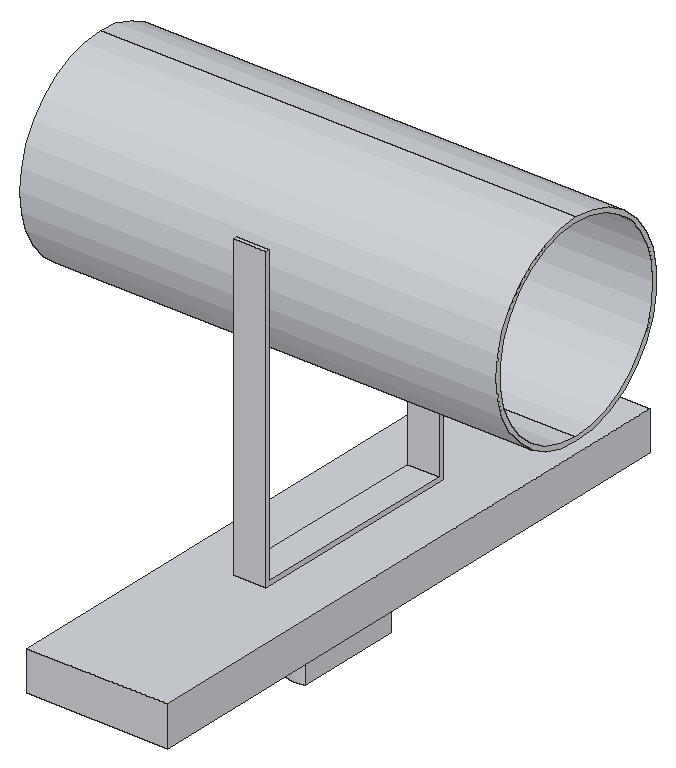
Revit family "EURS_63_LF_FB_ST321S", category Lighting Fixtures, host Face, Revit 2018
Family settings
  Host = Face
  Round Connector Dimension = Use Diameter
  Part Type = Normal
  Cut with Voids When Loaded = No
  Light Source = No
  Shared = No
  Room Calculation Point = No
Parameters (values of type "Type catalog")
  Width = 70 mm
  Voltage (V) = 230 V
  Visibility 2D symbol [instance] = no
  Visibility 2D outline round [instance] = not(Visibility 2D outline rectangle)  # no
  Visibility 2D outline rectangle [instance] = yes
  Suspension height = 100 mm
  Rotation XZ [instance] = 0.00°
  Rotation XY [instance] = 0.00°
  Product catalog - URL = "MODEL WEBPAGE"
  Order code = "ORDER CODE"
  Light source = 2 mm
  Length = 300 mm
  Last IES update = "DATE"
  Lamp type = ST321S IES Data : 1 xLED17S_827 HMB
  Height 01 = 20 mm
  Height = 100 mm
  Fixture code = "FIXTURE CODE"
  ETIM code URL = "ETIM CODE WEBPAGE"
  ETIM code = "MODEL ETIM CODE"
  Wattage Comments = ""
  URL = "http://www.lighting.philips.com/main/home"
  Type Comments = "Pendant"
  Model = "MODEL NUMBER"
  Manufacturer = "Philips"
  Light loss factor = ""
  Lamp = "LAMP NAME"
  Initial luminous flux (lm) = ""
  Init. Corr. Color Temperature (K) = ""
  EOC = "EOC CODE"
  Description = "MODEL NAME"
  Default Elevation = 0 mm
  Content version = "1.0"
  Content modified date = "DATE"
  Content creation date = "DATE"
  Content Creator = "https://www.cadac.com/bimcontent"
  Constraint XZ [instance] = if(Rotation XZ < 0.00°, 0.00°, if(Rotation XZ > 120.00°, 120.00°, Rotation XZ))  # 0.00°
  Constraint XY [instance] = if(Rotation XY < 0.00°, 0.00°, if(Rotation XY > 350.00°, 350.00°, Rotation XY))  # 0.00°
  Ceiling thickness = 12.5 mm
  BIM Library - URL = "http://www.lighting.philips.com/main/support/support/revit-library#page=1"
  Assembly Code = ""
  Armatuurcode [instance] = ""
  Apparent Load = 0 VA
  12NC = "12NC CODE"
Reference planes
  plane 1 "Center (Front/Back)": y = 0
  plane 2: z = 0
  plane 3 "Center (Left/Right)": x = 0
  plane 4 "Cadac Group AEC": y = 0
  plane 5: z = 12.5
  plane 6 "left": x = -35
  plane 7 "right": x = 35
  plane 8 "back": y = 150
  plane 9 "front": y = -150
  plane 10: z = -12.5
  plane 11: z = -12.5
  plane 12: z = 202
  plane 13: z = 100
  plane 14: z = 200
  plane 15: z = 32.5
Forms (mm)
  Sweep 1, solid
    path origin (0, 0, 0) x (1, 0, 0) y (0, 1, 0)
      loop
        line (0, 150) -> (0, -150)
    profile origin (0, 0, 0) x (1, 0, 0) y (0, 0, 1)
      loop
        line (35, 32.5) -> (-35, 32.5) -> (-35, 12.5) -> (35, 12.5) -> (35, 32.5)
Dimensions and locks
  equal spacing: plane 8 "back", plane 1 "Center (Front/Back)", plane 9 "front"
  equal spacing: plane 6 "left", plane 3 "Center (Left/Right)", plane 7 "right"
  "Width": plane 6 "left" to plane 7 "right"
  "Length": plane 9 "front" to plane 8 "back"
  "Ceiling thickness": plane 11 to host face
  "Light source": plane 14 to plane 12
  "Height": plane 13 to plane 14
  "Suspension height": host face to plane 13
  plane 5 to plane 15 = 20 mm
  "Height 01": plane 15 to plane 5
  aligned and locked: plane 2 to host face
  aligned and locked: level to host face
  aligned and locked: plane 4 "Cadac Group AEC" to plane 1 "Center (Front/Back)"
  aligned and locked: host face to plane 10
  aligned and locked: plane 3 "Center (Left/Right)" to nested 4
  aligned and locked: plane 1 "Center (Front/Back)" to nested 4
  aligned and locked: Sweep 1 sketch curve to plane 3 "Center (Left/Right)"
  aligned and locked: plane 9 "front" to Sweep 1 sketch curve
  aligned and locked: plane 8 "back" to Sweep 1 sketch curve
  aligned and locked: plane 6 "left" to Sweep 1 sketch curve
  aligned and locked: plane 7 "right" to Sweep 1 sketch curve
  aligned and locked: plane 5 to Sweep 1 sketch curve
  aligned and locked: Sweep 1 sketch curve to plane 15
  aligned and locked: plane 3 "Center (Left/Right)" to nested 8
  aligned and locked: plane 1 "Center (Front/Back)" to nested 8
Automatic sketch dimensions
  host sketch curve to host sketch curve = 700 mm  (x2)
Nested families
  nested 1: "2D-PL-Rond" at (0, 0, 0), visible <- "Visibility 2D outline round", Diameters <- "Length", type "2D symbool"
    with Diameters 300 mm
  nested 2: "2D-PL-Rechthoekig" at (0, 0, 0), Width <- "Length", lengte <- "Width", visible <- "Visibility 2D outline rectangle", type "2D symbool"
    with lengte 70 mm, Width 300 mm
  nested 3: "63_PHILIPS_Template_Track mount" at (0, 0, 0), type "Type catalog"
    with Visibility 2D symbol yes, Visibility 2D outline no, Visibility 2D driver no, Armatuurcode ""
  nested 4: "combined" at (0, 0, 163), rotatie 1 <- "Constraint XY", rotatie 2 <- "Constraint XZ", type "combined"
    with rotatie 2 0.00°, rotatie 1 0.00°
  nested 5: "Generic model rotatie front" at (0, 0, 163), type "Generic model rotatie front"
    with rotatie 2 0.00°
  nested 6: "Generic model sweep" at (0, 0, 163) x (1, 0, 0) z (0, -1, 0), type "Generic model sweep"
  nested 7: "ST321S IES Data" at (118.5, 0, 163) x (0, -1, 0) z (-1, 0, 0), type <- "Lamp type", type "1 xLED17S_827 HMB"
  nested 8: "2D-PL-Rond + symbool + peil" at (0, 0, 0), Rotation XY <- "Constraint XY", type "2D symbool"
    with radius 50 mm, Rotation XY 0.00°, Diameters 100 mm
  nested 9: "2D-PL-peil" at (0, 0, 0) x (-1, 0, 0) z (0, 0, 1), type "2D symbool"
Connectors
  electrical at (0, 0, 0), driven by "Apparent Load", driven by "Voltage (V)"
    settings: index 1, voltage 230 V, apparent load 0 VA, apparent load phase1 0 VA, apparent load phase2 0 VA, apparent load phase3 0 VA, power factor 1, load classification "Lighting", number of poles 1, system type 31, power factor state 1, is connector primary yes, connector utility no, sub classification motor no, connector description ""
Definition of nested family "63_PHILIPS_Template_Track mount"
  Parameters (values of type "Type catalog")
    Width = 300 mm
    Voltage (V) = 0 V
    Visibility 2D symbol [instance] = not(Visibility 2D outline)  # yes
    Visibility 2D outline [instance] = no
    Visibility 2D driver [instance] = no
    Rotation XZ = 0.00°
    Rotation XY = 0.00°
    Product catalog - URL = "WEBPAGE MODEL"
    Order code = "ORDER CODE"
    Offset = 1 mm
    Length = 300 mm
    Last IES update = "DATE"
    Height = 100 mm
    Fixture code = "FIXTURE CODE"
    ETIM code URL = "WEBPAGE ETIM CODE"
    ETIM code = "MODEL ETIM CODE"
    EOC = "EOC CODE"
    Content version = "1.0"
    Content modified date = "DATE"
    Content creation date = "DATE"
    Connetor body height = 10 mm
    Connector width = 25 mm
    Wattage Comments = ""
    URL = "http://www.lighting.philips.nl/home"
    Type Comments = "Track Mount"
    Model = "MODEL NUMBER"
    Manufacturer = "Philips"
    Light loss factor = ""
    Lamp = ""
    Initial luminous flux (lm) = ""
    Init. Corr. Color Temperature (K) = ""
    Description = "MODEL NAME"
    Default Elevation = 0 mm
    Content Creator = "https://www.cadac.com/bimcontent"
    Connector height = 25 mm
    BIM Library - URL = "http://www.lighting.philips.com/main/support/support/revit-library#page=1"
    Assembly Code = ""
    Armatuurcode [instance] = ""
    Apparent Load = 0 VA
    12NC = "12NC CODE"
  Reference planes
    plane 1 "Center (Front/Back)": y = 0
    plane 2: z = 0
    plane 3 "Center (Left/Right)": x = 0
    plane 4 "Cadac Group AEC": y = 0
    plane 5: z = 11
    plane 6: z = -24
    plane 7: z = 1
    plane 8: x = -150
    plane 9: y = -150
    plane 10: y = 150
    plane 11: x = 150
    plane 12: z = 125.635
  Forms (mm)
    Extrusion 1, solid
      sketch origin (0, 0, 0) x (1, 0, 0) y (0, 1, 0)
        loop
          line (-350, 290) -> (-350, -329.519) -> (377.065, -329.519) -> (377.065, 290) -> (-350, 290)
      from 0 to -12.5
    Extrusion 2, solid
      sketch origin (0, 0, 11) x (0, -1, 0) y (1, 0, 0)
        loop
          arc (19.5, -12.5) -> (27.5, 0) -> (19.5, 12.5) r 13.766
          line (19.5, 12.5) -> (-19.5, 12.5)
          arc (-19.5, 12.5) -> (-27.5, 0) -> (-19.5, -12.5) r 13.766
          line (-19.5, -12.5) -> (19.5, -12.5)
      from 0 to -35
    Extrusion 3, void
      sketch origin (0, 0, 1) x (0, -1, 0) y (1, 0, 0)
        loop
          line (-40, -5) -> (-40, -15) -> (40, -15) -> (40, -5) -> (-40, -5)
        loop
          line (-40, 5) -> (40, 5) -> (40, 15) -> (-40, 15) -> (-40, 5)
      from 0 to -25
  Cuts and joins
    Extrusion 3 cuts Extrusion 2
  Dimensions and locks
    "Connector height": plane 6 to plane 7
    equal spacing: plane 8, plane 3 "Center (Left/Right)", plane 11
    "Length": plane 8 to plane 11
    equal spacing: plane 9, plane 1 "Center (Front/Back)", plane 10
    "Width": plane 9 to plane 10
    "Offset": plane 2 to plane 7
    "Connetor body height": plane 7 to plane 5
    aligned and locked: plane 2 to Extrusion 1
    aligned and locked: level to Extrusion 1
    aligned and locked: plane 4 "Cadac Group AEC" to plane 1 "Center (Front/Back)"
    aligned and locked: Extrusion 2 to plane 6
    aligned and locked: Extrusion 3 to plane 6
  Automatic sketch dimensions
    Extrusion 1 sketch curve to Extrusion 1 sketch curve = 727.065 mm
    Extrusion 1 sketch curve to Extrusion 1 sketch curve = 619.519 mm
    Extrusion 2 sketch curve to plane 3 "Center (Left/Right)" = 0 mm  (x2)
    plane 1 "Center (Front/Back)" to Extrusion 2 sketch curve = 19.5 mm  (x2)
    plane 1 "Center (Front/Back)" to Extrusion 2 sketch curve = 13.734 mm
    Extrusion 2 sketch curve to plane 1 "Center (Front/Back)" = 13.734 mm
    Extrusion 2 sketch curve to Extrusion 2 sketch curve = 5.766 mm
    Extrusion 2 sketch curve to plane 3 "Center (Left/Right)" = 12.5 mm
    plane 3 "Center (Left/Right)" to Extrusion 3 sketch curve = 5 mm
    plane 1 "Center (Front/Back)" to Extrusion 3 sketch curve = 40 mm
    Extrusion 3 sketch curve to Extrusion 3 sketch curve = 0 mm  (x2)
    Extrusion 3 sketch curve to plane 1 "Center (Front/Back)" = 40 mm
    Extrusion 3 sketch curve to plane 3 "Center (Left/Right)" = 5 mm
    Extrusion 3 sketch curve to Extrusion 3 sketch curve = 10 mm  (x2)
  Nested families
    nested 1: "63_PHILIPS_bulb_e" at (0, 0, 0), front rim outside radius <- "Connector width", type "Bulb"
      with front rim outside radius 25 mm
    nested 2: "63_PHILIPS_bulb_e" at (0, 0, 0), front rim outside radius <- "Connector width", type "Bulb"
      with front rim outside radius 25 mm
    nested 3: "2D-PL-Rond" at (0, 0, 0), Diameters <- "Length", visible <- "Visibility 2D outline", type "2D symbool"
      with Diameters 300 mm
    nested 4: "2D-PL-Driver" at (0, 0, 0), visible <- "Visibility 2D driver", type "2D symbool"
  Connectors
    electrical at (0, 0, 11), driven by "Apparent Load", driven by "Voltage (V)"
      settings: on cut or joined group of Extrusion 2, Extrusion 3, index 1, voltage 0 V, apparent load 0 VA, apparent load phase1 0 VA, apparent load phase2 0 VA, apparent load phase3 0 VA, power factor 1, load classification none, number of poles 1, system type 31, power factor state 1, is connector primary yes, connector utility no, sub classification motor no, connector description ""
  Definition of nested family "63_PHILIPS_bulb_e"
    Parameters
      front rim outside radius [instance] = 25 mm
      Description = "symbol  bulb"
      Copyright © Cadac = "www.cadac.com/aec"
      Cadac content versie = "3.2"  # constant formula
      Assembly Code = ""
    Reference planes
      plane 1 "Center (Front/Back)": y = 0
      plane 2: z = 0
      plane 3 "Center (Left/Right)": x = 0
      plane 4: y = 19.5
      plane 5: y = -19.5
    Lines and regions (mm)
      symbolic lines
        curve 1: line (-12.5, -19.5, 0) -> (-12.5, 19.5, 0)
        curve 2: line (12.5, 19.5, 0) -> (12.5, -19.5, 0)
        curve 3: arc (-12.5, -19.5, 0) -> (0, -27.5, 0) -> (12.5, -19.5, 0) r 13.766
        curve 4: arc (-12.5, 19.5, 0) -> (0, 27.5, 0) -> (12.5, 19.5, 0) r 13.766
    Dimensions and locks
      equal spacing: curve 1, plane 3 "Center (Left/Right)", curve 2
      "front rim outside radius": curve 1 to curve 2
      equal spacing: plane 5, plane 1 "Center (Front/Back)", plane 4
    Automatic sketch dimensions
      curve 4 to plane 3 "Center (Left/Right)" = 0 mm
      curve 3 to plane 3 "Center (Left/Right)" = 0 mm
      curve 1 to plane 5 = 0 mm
      plane 4 to curve 1 = 0 mm
      plane 5 to curve 3 = 5.766 mm
      plane 4 to curve 4 = 5.766 mm
  Definition of nested family "2D-PL-Rond"
    Parameters (values of type "2D symbool")
      Diameters [instance] = 250 mm
      Description = "Armatuur symbool"
      Copyright © Cadac = "www.cadac.com/aec"
      Cadac content versie = ""
      Assembly Code = ""
    Reference planes
      plane 1 "Center (Front/Back)": y = 0
      plane 2: z = 0
      plane 3 "Center (Left/Right)": x = 0
    Lines and regions (mm)
      symbolic lines
        curve 1: circle (0, 0, 0) r 125 normal (0, 0, 1)
    Dimensions and locks
      "Diameters": diameter of curve 1
    Automatic sketch dimensions
      plane 1 "Center (Front/Back)" to curve 1 = 0 mm
      curve 1 to plane 3 "Center (Left/Right)" = 0 mm
  Definition of nested family "2D-PL-Driver"
    Parameters (values of type "2D symbool")
      Description = "Armatuur symbool"
      Copyright © Cadac = "www.cadac.com/aec"
      Cadac content versie = ""
      Assembly Code = ""
    Reference planes
      plane 1 "Center (Front/Back)": y = 0
      plane 2: z = 0
      plane 3 "Center (Left/Right)": x = 0
    Lines and regions (mm)
      model lines
        curve 1: line (-12.5, -19.5, 0) -> (-12.5, 19.5, 0)
        curve 2: line (12.5, 19.5, 0) -> (12.5, -19.5, 0)
        curve 3: arc (-12.5, 19.5, 0) -> (0, 27.5, 0) -> (12.5, 19.5, 0) r 13.766
        curve 4: arc (-12.5, -19.5, 0) -> (0, -27.5, 0) -> (12.5, -19.5, 0) r 13.766
Definition of nested family "combined"
  Parameters (values of type "combined")
    rotatie 2 [instance] = 0.00°
    rotatie 1 [instance] = 0.00°
  Reference planes
    plane 1 "Center (Front/Back)": y = 0
    plane 2: z = 0
    plane 3 "Center (Left/Right)": x = 0
  Lines and regions (mm)
    reference lines
      curve 1: line (-1000, 0, 0) -> (1000, 0, 0)
      curve 2: line (0, 500, 0) -> (0, -500, 0)
  Dimensions and locks
    equal spacing: curve 1, plane 3 "Center (Left/Right)", curve 1
    equal spacing: curve 1, plane 1 "Center (Front/Back)", curve 1
    equal spacing: curve 1, curve 2, curve 1
    "rotatie 1": angle plane 1 "Center (Front/Back)" to curve 1
    aligned and locked: level to plane 2
    aligned and locked: curve 1 to nested 1
    aligned and locked: curve 2 to nested 1
  Automatic sketch dimensions
    curve 1 to curve 2 = 500 mm
    curve 2 to curve 1 = 500 mm
  Nested families
    nested 1: "Generic model u-profile" at (0, 0, 0) x (0, -1, 0) z (0, 0, 1), type "Generic model u-profil"
    nested 2: "Generic model rotatie front" at (0, 0, 0), rotatie 2 <- "rotatie 2", type "Generic model rotatie front"
      with rotatie 2 0.00°
    nested 3: "Generic model sweep" at (0, 0, 0) x (1, 0, 0) z (0, -1, 0), type "Generic model sweep"
  Definition of nested family "Generic model u-profile"
    Parameters (values of type "Generic model u-profil")
      Default Elevation = 1219.2 mm
    Reference planes
      plane 1 "Center (Front/Back)": y = 0
      plane 2: z = 0
      plane 3 "Center (Left/Right)": x = 0
      plane 4: z = 20
      plane 5: z = -130
      plane 6: x = 55
      plane 7: x = -55
    Forms (mm)
      Sweep 1, solid
        path origin (0, 0, 0) x (1, 0, 0) y (0, 0, 1)
          loop
            line (-55, 20) -> (-55, -130) -> (55, -130) -> (55, 20)
        profile origin (-55, 0, -55) x (0, -1, 0) y (1, 0, 0)
          loop
            line (-7.979, 0) -> (7.979, 0) -> (7.979, 2) -> (-7.979, 2) -> (-7.979, 0)
    Dimensions and locks
      Sweep 1 sketch curve to profile plane to Sweep 1 sketch curve = 7.979 mm, 7.979 mm
      plane 4 to plane 2 = 20 mm
      plane 2 to plane 5 = 130 mm
      equal spacing: plane 6, plane 3 "Center (Left/Right)", plane 7
      plane 6 to plane 3 "Center (Left/Right)" = 55 mm
      plane 2 to Sweep 1 = 130 mm
      aligned and locked: level to plane 2
      aligned and locked: Sweep 1 sketch curve to plane 5
      aligned and locked: plane 4 to Sweep 1 sketch curve  (x2)
      aligned and locked: Sweep 1 sketch curve to plane 7
      aligned and locked: plane 6 to Sweep 1 sketch curve
  Definition of nested family "Generic model sweep"
    Parameters (values of type "Generic model sweep")
      Default Elevation = 1219.2 mm
    Reference planes
      plane 1 "Center (Front/Back)": y = 0
      plane 2: z = 0
      plane 3 "Center (Left/Right)": x = 0
    Forms (mm)
      Sweep 1, solid
        path origin (0, 0, 0) x (1, 0, 0) y (0, 1, 0)
          loop
            line (-118.5, 0) -> (118.5, 0)
        profile "Profiel 1 : Profiel 1" origin (0, 0, 0) x (0, 1, 0) y (0, 0, 1)
          loop
            circle (0, 0) r 48
          loop
            circle (0, 0) r 50
    Dimensions and locks
      Sweep 1 sketch curve to Sweep 1 sketch curve = 237 mm
      equal spacing: Sweep 1 sketch curve, plane 3 "Center (Left/Right)", Sweep 1 sketch curve
      aligned and locked: level to plane 2
Definition of nested family "Generic model sweep"
  Parameters (values of type "Generic model sweep")
    Default Elevation = 1219.2 mm
  Reference planes
    plane 1 "Center (Front/Back)": y = 0
    plane 2: z = 0
    plane 3 "Center (Left/Right)": x = 0
  Forms (mm)
    Sweep 1, solid
      path origin (0, 0, 0) x (1, 0, 0) y (0, 1, 0)
        loop
          line (-118.5, 0) -> (118.5, 0)
      profile "Profiel 1 : Profiel 1" origin (0, 0, 0) x (0, 1, 0) y (0, 0, 1)
        loop
          circle (0, 0) r 48
        loop
          circle (0, 0) r 50
  Dimensions and locks
    Sweep 1 sketch curve to Sweep 1 sketch curve = 237 mm
    equal spacing: Sweep 1 sketch curve, plane 3 "Center (Left/Right)", Sweep 1 sketch curve
    aligned and locked: level to plane 2
Definition of nested family "2D-PL-Rond"
  Parameters (values of type "2D symbool")
    Diameters [instance] = 250 mm
    Description = "Armatuur symbool"
    Copyright © Cadac = "www.cadac.com/aec"
    Cadac content versie = ""
    Assembly Code = ""
  Reference planes
    plane 1 "Center (Front/Back)": y = 0
    plane 2: z = 0
    plane 3 "Center (Left/Right)": x = 0
  Lines and regions (mm)
    symbolic lines
      curve 1: circle (0, 0, 0) r 125 normal (0, 0, 1)
  Dimensions and locks
    "Diameters": diameter of curve 1
  Automatic sketch dimensions
    plane 1 "Center (Front/Back)" to curve 1 = 0 mm
    curve 1 to plane 3 "Center (Left/Right)" = 0 mm
Definition of nested family "2D-PL-Rechthoekig"
  Parameters (values of type "2D symbool")
    lengte [instance] = 1200 mm
    Width [instance] = 100 mm
    Type Comments = "GEEN CALCULATIEOBJECT"
    Manufacturer = ""
    Description = "Armatuur 2D symbool"
    Copyright © Cadac = "www.cadac.com/aec"
    Cadac content versie = ""
    Assembly Code = ""
  Reference planes
    plane 1 "Center (Front/Back)": y = 0
    plane 2: z = 0
    plane 3 "Center (Left/Right)": x = 0
    plane 4: y = 150
    plane 5: y = -150
    plane 6: y = 176.777
    plane 7: x = -176.777
    plane 8: x = 176.777
    plane 9: y = -176.777
    plane 10 "Cadac Group AEC": y = 0
    plane 11: y = 400
    plane 12: y = -191.421
    plane 13: y = -206.066
    plane 14: y = -220.711
    plane 15: y = -235.355
  Lines and regions (mm)
    symbolic lines
      curve 1: line (600, 50, 0) -> (600, -50, 0)
      curve 2: line (-600, 50, 0) -> (-600, -50, 0)
      curve 3: line (-600, 50, 0) -> (600, 50, 0)
      curve 4: line (-600, -50, 0) -> (600, -50, 0)
  Dimensions and locks
    equal spacing: curve 2, plane 3 "Center (Left/Right)", curve 1
    "lengte": curve 2 to curve 1
    equal spacing: plane 5, plane 1 "Center (Front/Back)", plane 4
    locked: plane 4 to plane 5 at 300
    equal spacing: curve 4, plane 1 "Center (Front/Back)", curve 3
    "Width": curve 4 to curve 3
    locked: plane 7 to plane 8 at 353.553
    locked: plane 6 to plane 9 at 353.553
    equal spacing: plane 7, plane 3 "Center (Left/Right)", plane 8
    equal spacing: plane 6, plane 1 "Center (Front/Back)", plane 9
    locked: plane 1 "Center (Front/Back)" to plane 11 at 400
    equal spacing: plane 9, plane 12, plane 13, plane 14, plane 15
    locked: plane 9 to plane 15 at 58.579
    aligned and locked: plane 10 "Cadac Group AEC" to plane 1 "Center (Front/Back)"
Definition of nested family "Generic model rotatie front"
  Parameters (values of type "Generic model rotatie front")
    rotatie 2 [instance] = 45.00°
    Default Elevation = 1219.2 mm
  Reference planes
    plane 1 "Center (Front/Back)": y = 0
    plane 2: z = 0
    plane 3 "Center (Left/Right)": x = 0
  Lines and regions (mm)
    reference lines
      curve 1: line (-707.107, 0, -707.107) -> (707.107, 0, 707.107)
      curve 2: line (-353.553, 0, 353.553) -> (353.553, 0, -353.553)
  Dimensions and locks
    equal spacing: curve 1, plane 3 "Center (Left/Right)", curve 1
    equal spacing: curve 1, plane 2, curve 1
    equal spacing: curve 2, plane 3 "Center (Left/Right)", curve 2
    equal spacing: curve 2, plane 2, curve 2
    "rotatie 2": angle plane 2 to curve 1
    "rotatie 2": angle plane 3 "Center (Left/Right)" to curve 2
    aligned and locked: level to plane 2
  Nested families
    nested 1: "Generic model sweep" at (0, 0, 0) x (0.7071, 0, 0.7071) z (0, -1, 0), type "Generic model sweep"
  Definition of nested family "Generic model sweep"
    Parameters (values of type "Generic model sweep")
      Default Elevation = 1219.2 mm
    Reference planes
      plane 1 "Center (Front/Back)": y = 0
      plane 2: z = 0
      plane 3 "Center (Left/Right)": x = 0
    Forms (mm)
      Sweep 1, solid
        path origin (0, 0, 0) x (1, 0, 0) y (0, 1, 0)
          loop
            line (-118.5, 0) -> (118.5, 0)
        profile "Profiel 1 : Profiel 1" origin (0, 0, 0) x (0, 1, 0) y (0, 0, 1)
          loop
            circle (0, 0) r 48
          loop
            circle (0, 0) r 50
    Dimensions and locks
      Sweep 1 sketch curve to Sweep 1 sketch curve = 237 mm
      equal spacing: Sweep 1 sketch curve, plane 3 "Center (Left/Right)", Sweep 1 sketch curve
      aligned and locked: level to plane 2
Definition of nested family "ST321S IES Data"
  Parameters (values of type "1 xLED49S_840 OVL-V")
    Wattage = 39 W
    built-in parameter 1150110 = 1 (stored number, unit not read)
    built-in parameter 1114217 = 1 (stored number, unit not read)
    Tilt Angle = 90.00°
    built-in parameter 1150109 = 1 (stored number, unit not read)
    built-in parameter 1150134 = 12
    built-in parameter 1150113 = 1 (stored number, unit not read)
    Photometric Web File = "ST321S 1 xLED49S_840 OVL-V.ies"
    Model = "ST321S"
    Manufacturer = "Philips"
    built-in parameter 1150105 = 358.1 (stored number, unit not read)
    Lumens = 4500 lm
    built-in parameter 1150115 = 1 (stored number, unit not read)
    built-in parameter 1150137 = (empty or 0)
    built-in parameter 1150139 = (empty or 0)
    built-in parameter 1150112 = 1 (stored number, unit not read)
    built-in parameter 1150114 = 1 (stored number, unit not read)
    Lamp = "LED49S/840/-"
    built-in parameter 1150132 = (empty or 0)
    built-in parameter 1150102 = (empty or 0)
    built-in parameter 1150107 = 4000 (stored number, unit not read)
    built-in parameter 1150138 = (empty or 0)
    built-in parameter 1150106 = 3.581 (stored number, unit not read)
    Emit from Circle Diameter = 67 mm
    Emit Shape Visible in Rendering = yes
    built-in parameter 1150104 = 10.72 (stored number, unit not read)
    Dimming Lamp Color Temperature Shift = (empty or 0)
    Description = ""
    Default Elevation = 0 mm
    Content Creator = "https://www.cadac.com/bimcontent"
    Color Filter = 16777215
    built-in parameter 1114218 = 1 (stored number, unit not read)
    built-in parameter 1150133 = 10 (stored number, unit not read)
    Apparent Load = 39 VA
  Types (216, lengths in mm): name | Wattage | built-in parameter 1150134 | Photometric Web File | built-in parameter 1150105 | Lumens | Lamp | built-in parameter 1150107 | built-in parameter 1150106 | built-in parameter 1150104 | Apparent Load
    1 xLED49S_840 OVL-V | 39 W | 12 | "ST321S 1 xLED49S_840 OVL-V.ies" | 358.1 (stored number, unit not read) | 4500 lm | "LED49S/840/-" | 4000 (stored number, unit not read) | 3.581 (stored number, unit not read) | 10.72 (stored number, unit not read) | 39 VA
    1 xLED49S_840 OVL-H | 39 W | 12 | "ST321S 1 xLED49S_840 OVL-H.ies" | 358.1 (stored number, unit not read) | 4500 lm | "LED49S/840/-" | 4000 (stored number, unit not read) | 3.581 (stored number, unit not read) | 10.72 (stored number, unit not read) | 39 VA
    1 xLED49S_840 MB | 39 W | 12 | "ST321S 1 xLED49S_840 MB.ies" | 389.93 (stored number, unit not read) | 4900 lm | "LED49S/840/-" | 4000 (stored number, unit not read) | 3.8993 (stored number, unit not read) | 11.672 (stored number, unit not read) | 39 VA
    1 xLED49S_840 HWB | 39 W | 12 | "ST321S 1 xLED49S_840 HWB.ies" | 397.89 (stored number, unit not read) | 5000 lm | "LED49S/840/-" | 4000 (stored number, unit not read) | 3.9789 (stored number, unit not read) | 11.911 (stored number, unit not read) | 39 VA
    1 xLED49S_840 HVWB | 39 W | 12 | "ST321S 1 xLED49S_840 HVWB.ies" | 397.89 (stored number, unit not read) | 5000 lm | "LED49S/840/-" | 4000 (stored number, unit not read) | 3.9789 (stored number, unit not read) | 11.911 (stored number, unit not read) | 39 VA
    1 xLED49S_840 HOVL-V | 39 W | 12 | "ST321S 1 xLED49S_840 HOVL-V.ies" | 374.01 (stored number, unit not read) | 4700 lm | "LED49S/840/-" | 4000 (stored number, unit not read) | 3.7401 (stored number, unit not read) | 11.196 (stored number, unit not read) | 39 VA
    1 xLED49S_840 HOVL-H | 39 W | 12 | "ST321S 1 xLED49S_840 HOVL-H.ies" | 374.01 (stored number, unit not read) | 4700 lm | "LED49S/840/-" | 4000 (stored number, unit not read) | 3.7401 (stored number, unit not read) | 11.196 (stored number, unit not read) | 39 VA
    1 xLED49S_840 HMB | 39 W | 12 | "ST321S 1 xLED49S_840 HMB.ies" | 397.89 (stored number, unit not read) | 5000 lm | "LED49S/840/-" | 4000 (stored number, unit not read) | 3.9789 (stored number, unit not read) | 11.911 (stored number, unit not read) | 39 VA
    1 xLED49S_830 OVL-V | 39 W | (empty or 0) | "ST321S 1 xLED49S_830 OVL-V.ies" | 342.18 (stored number, unit not read) | 4300 lm | "LED49S/830/-" | 3000 (stored number, unit not read) | 3.4218 (stored number, unit not read) | 10.243 (stored number, unit not read) | 39 VA
    1 xLED49S_830 OVL-H | 39 W | (empty or 0) | "ST321S 1 xLED49S_830 OVL-H.ies" | 342.18 (stored number, unit not read) | 4300 lm | "LED49S/830/-" | 3000 (stored number, unit not read) | 3.4218 (stored number, unit not read) | 10.243 (stored number, unit not read) | 39 VA
    1 xLED49S_830 MB | 39 W | (empty or 0) | "ST321S 1 xLED49S_830 MB.ies" | 366.06 (stored number, unit not read) | 4600 lm | "LED49S/830/-" | 3000 (stored number, unit not read) | 3.6606 (stored number, unit not read) | 10.958 (stored number, unit not read) | 39 VA
    1 xLED49S_830 HWB | 39 W | (empty or 0) | "ST321S 1 xLED49S_830 HWB.ies" | 381.97 (stored number, unit not read) | 4800 lm | "LED49S/830/-" | 3000 (stored number, unit not read) | 3.8197 (stored number, unit not read) | 11.434 (stored number, unit not read) | 39 VA
    1 xLED49S_830 HVWB | 39 W | (empty or 0) | "ST321S 1 xLED49S_830 HVWB.ies" | 381.97 (stored number, unit not read) | 4800 lm | "LED49S/830/-" | 3000 (stored number, unit not read) | 3.8197 (stored number, unit not read) | 11.434 (stored number, unit not read) | 39 VA
    1 xLED49S_830 HOVL-V | 39 W | (empty or 0) | "ST321S 1 xLED49S_830 HOVL-V.ies" | 350.14 (stored number, unit not read) | 4400 lm | "LED49S/830/-" | 3000 (stored number, unit not read) | 3.5014 (stored number, unit not read) | 10.481 (stored number, unit not read) | 39 VA
    1 xLED49S_830 HOVL-H | 39 W | (empty or 0) | "ST321S 1 xLED49S_830 HOVL-H.ies" | 350.14 (stored number, unit not read) | 4400 lm | "LED49S/830/-" | 3000 (stored number, unit not read) | 3.5014 (stored number, unit not read) | 10.481 (stored number, unit not read) | 39 VA
    1 xLED49S_830 HMB | 39 W | (empty or 0) | "ST321S 1 xLED49S_830 HMB.ies" | 381.97 (stored number, unit not read) | 4800 lm | "LED49S/830/-" | 3000 (stored number, unit not read) | 3.8197 (stored number, unit not read) | 11.434 (stored number, unit not read) | 39 VA
    1 xLED49S_827 OVL-V | 38.5 W | (empty or 0) | "ST321S 1 xLED49S_827 OVL-V.ies" | 326.27 (stored number, unit not read) | 4100 lm | "LED49S/827/-" | 2700 (stored number, unit not read) | 3.2627 (stored number, unit not read) | 9.8936 (stored number, unit not read) | 38.5 VA
    1 xLED49S_827 OVL-H | 38.5 W | (empty or 0) | "ST321S 1 xLED49S_827 OVL-H.ies" | 326.27 (stored number, unit not read) | 4100 lm | "LED49S/827/-" | 2700 (stored number, unit not read) | 3.2627 (stored number, unit not read) | 9.8936 (stored number, unit not read) | 38.5 VA
    1 xLED49S_827 MB | 38.5 W | (empty or 0) | "ST321S 1 xLED49S_827 MB.ies" | 350.14 (stored number, unit not read) | 4400 lm | "LED49S/827/-" | 2700 (stored number, unit not read) | 3.5014 (stored number, unit not read) | 10.617 (stored number, unit not read) | 38.5 VA
    1 xLED49S_827 HWB | 38.5 W | (empty or 0) | "ST321S 1 xLED49S_827 HWB.ies" | 366.06 (stored number, unit not read) | 4600 lm | "LED49S/827/-" | 2700 (stored number, unit not read) | 3.6606 (stored number, unit not read) | 11.1 (stored number, unit not read) | 38.5 VA
    1 xLED49S_827 HVWB | 38.5 W | (empty or 0) | "ST321S 1 xLED49S_827 HVWB.ies" | 366.06 (stored number, unit not read) | 4600 lm | "LED49S/827/-" | 2700 (stored number, unit not read) | 3.6606 (stored number, unit not read) | 11.1 (stored number, unit not read) | 38.5 VA
    1 xLED49S_827 HOVL-V | 38.5 W | (empty or 0) | "ST321S 1 xLED49S_827 HOVL-V.ies" | 334.23 (stored number, unit not read) | 4200 lm | "LED49S/827/-" | 2700 (stored number, unit not read) | 3.3423 (stored number, unit not read) | 10.135 (stored number, unit not read) | 38.5 VA
    1 xLED49S_827 HOVL-H | 38.5 W | (empty or 0) | "ST321S 1 xLED49S_827 HOVL-H.ies" | 334.23 (stored number, unit not read) | 4200 lm | "LED49S/827/-" | 2700 (stored number, unit not read) | 3.3423 (stored number, unit not read) | 10.135 (stored number, unit not read) | 38.5 VA
    1 xLED49S_827 HMB | 38.5 W | (empty or 0) | "ST321S 1 xLED49S_827 HMB.ies" | 366.06 (stored number, unit not read) | 4600 lm | "LED49S/827/-" | 2700 (stored number, unit not read) | 3.6606 (stored number, unit not read) | 11.1 (stored number, unit not read) | 38.5 VA
    1 xLED39S_PW930 VWB | 35 W | (empty or 0) | "ST321S 1 xLED39S_PW930 VWB.ies" | 310.35 (stored number, unit not read) | 3900 lm | "LED39S/PW930/-" | 3000 (stored number, unit not read) | 3.1035 (stored number, unit not read) | 10.352 (stored number, unit not read) | 35 VA
    1 xLED39S_PW930 OVL-V | 35 W | (empty or 0) | "ST321S 1 xLED39S_PW930 OVL-V.ies" | 294.44 (stored number, unit not read) | 3700 lm | "LED39S/PW930/-" | 3000 (stored number, unit not read) | 2.9444 (stored number, unit not read) | 9.8212 (stored number, unit not read) | 35 VA
    1 xLED39S_PW930 OVL-H | 35 W | (empty or 0) | "ST321S 1 xLED39S_PW930 OVL-H.ies" | 294.44 (stored number, unit not read) | 3700 lm | "LED39S/PW930/-" | 3000 (stored number, unit not read) | 2.9444 (stored number, unit not read) | 9.8212 (stored number, unit not read) | 35 VA
    1 xLED39S_PW930 HWB | 32.5 W | (empty or 0) | "ST321S 1 xLED39S_PW930 HWB.ies" | 318.31 (stored number, unit not read) | 4000 lm | "LED39S/PW930/-" | 3000 (stored number, unit not read) | 3.1831 (stored number, unit not read) | 11.434 (stored number, unit not read) | 32.5 VA
    1 xLED39S_PW930 HVWB | 32.5 W | (empty or 0) | "ST321S 1 xLED39S_PW930 HVWB.ies" | 318.31 (stored number, unit not read) | 4000 lm | "LED39S/PW930/-" | 3000 (stored number, unit not read) | 3.1831 (stored number, unit not read) | 11.434 (stored number, unit not read) | 32.5 VA
    1 xLED39S_PW930 HOVL-V | 35 W | (empty or 0) | "ST321S 1 xLED39S_PW930 HOVL-V.ies" | 294.44 (stored number, unit not read) | 3700 lm | "LED39S/PW930/-" | 3000 (stored number, unit not read) | 2.9444 (stored number, unit not read) | 9.8212 (stored number, unit not read) | 35 VA
    1 xLED39S_PW930 HOVL-H | 35 W | (empty or 0) | "ST321S 1 xLED39S_PW930 HOVL-H.ies" | 294.44 (stored number, unit not read) | 3700 lm | "LED39S/PW930/-" | 3000 (stored number, unit not read) | 2.9444 (stored number, unit not read) | 9.8212 (stored number, unit not read) | 35 VA
    1 xLED39S_PW930 HMB | 32.5 W | (empty or 0) | "ST321S 1 xLED39S_PW930 HMB.ies" | 318.31 (stored number, unit not read) | 4000 lm | "LED39S/PW930/-" | 3000 (stored number, unit not read) | 3.1831 (stored number, unit not read) | 11.434 (stored number, unit not read) | 32.5 VA
    1 xLED39S_PC930 OVL-V | 34.5 W | (empty or 0) | "ST321S 1 xLED39S_PC930 OVL-V.ies" | 270.56 (stored number, unit not read) | 3400 lm | "LED39S/PC930/-" | 3000 (stored number, unit not read) | 2.7056 (stored number, unit not read) | 9.1557 (stored number, unit not read) | 34.5 VA
    1 xLED39S_PC930 OVL-H | 34.5 W | (empty or 0) | "ST321S 1 xLED39S_PC930 OVL-H.ies" | 270.56 (stored number, unit not read) | 3400 lm | "LED39S/PC930/-" | 3000 (stored number, unit not read) | 2.7056 (stored number, unit not read) | 9.1557 (stored number, unit not read) | 34.5 VA
    1 xLED39S_PC930 MB | 34.5 W | (empty or 0) | "ST321S 1 xLED39S_PC930 MB.ies" | 294.44 (stored number, unit not read) | 3700 lm | "LED39S/PC930/-" | 3000 (stored number, unit not read) | 2.9444 (stored number, unit not read) | 9.9635 (stored number, unit not read) | 34.5 VA
    1 xLED39S_PC930 HWB | 34.5 W | (empty or 0) | "ST321S 1 xLED39S_PC930 HWB.ies" | 302.39 (stored number, unit not read) | 3800 lm | "LED39S/PC930/-" | 3000 (stored number, unit not read) | 3.0239 (stored number, unit not read) | 10.233 (stored number, unit not read) | 34.5 VA
    1 xLED39S_PC930 HVWB | 34.5 W | (empty or 0) | "ST321S 1 xLED39S_PC930 HVWB.ies" | 302.39 (stored number, unit not read) | 3800 lm | "LED39S/PC930/-" | 3000 (stored number, unit not read) | 3.0239 (stored number, unit not read) | 10.233 (stored number, unit not read) | 34.5 VA
    1 xLED39S_PC930 HOVL-V | 34.5 W | (empty or 0) | "ST321S 1 xLED39S_PC930 HOVL-V.ies" | 278.52 (stored number, unit not read) | 3500 lm | "LED39S/PC930/-" | 3000 (stored number, unit not read) | 2.7852 (stored number, unit not read) | 9.4249 (stored number, unit not read) | 34.5 VA
    1 xLED39S_PC930 HOVL-H | 34.5 W | (empty or 0) | "ST321S 1 xLED39S_PC930 HOVL-H.ies" | 278.52 (stored number, unit not read) | 3500 lm | "LED39S/PC930/-" | 3000 (stored number, unit not read) | 2.7852 (stored number, unit not read) | 9.4249 (stored number, unit not read) | 34.5 VA
    1 xLED39S_PC930 HMB | 34.5 W | (empty or 0) | "ST321S 1 xLED39S_PC930 HMB.ies" | 302.39 (stored number, unit not read) | 3800 lm | "LED39S/PC930/-" | 3000 (stored number, unit not read) | 3.0239 (stored number, unit not read) | 10.233 (stored number, unit not read) | 34.5 VA
    1 xLED39S_FR OVL-V | 38.5 W | (empty or 0) | "ST321S 1 xLED39S_FR OVL-V.ies" | 302.39 (stored number, unit not read) | 3800 lm | "LED39S/FR/-" | 3000 (stored number, unit not read) | 3.0239 (stored number, unit not read) | 9.1697 (stored number, unit not read) | 38.5 VA
    1 xLED39S_FR OVL-H | 38.5 W | (empty or 0) | "ST321S 1 xLED39S_FR OVL-H.ies" | 302.39 (stored number, unit not read) | 3800 lm | "LED39S/FR/-" | 3000 (stored number, unit not read) | 3.0239 (stored number, unit not read) | 9.1697 (stored number, unit not read) | 38.5 VA
    1 xLED39S_FR MB | 38.5 W | (empty or 0) | "ST321S 1 xLED39S_FR MB.ies" | 326.27 (stored number, unit not read) | 4100 lm | "LED39S/FR/-" | 3000 (stored number, unit not read) | 3.2627 (stored number, unit not read) | 9.8936 (stored number, unit not read) | 38.5 VA
    1 xLED39S_FR HWB | 38.5 W | (empty or 0) | "ST321S 1 xLED39S_FR HWB.ies" | 342.18 (stored number, unit not read) | 4300 lm | "LED39S/FR/-" | 3000 (stored number, unit not read) | 3.4218 (stored number, unit not read) | 10.376 (stored number, unit not read) | 38.5 VA
    1 xLED39S_FR HVWB | 38.5 W | (empty or 0) | "ST321S 1 xLED39S_FR HVWB.ies" | 342.18 (stored number, unit not read) | 4300 lm | "LED39S/FR/-" | 3000 (stored number, unit not read) | 3.4218 (stored number, unit not read) | 10.376 (stored number, unit not read) | 38.5 VA
    1 xLED39S_FR HOVL-V | 38.5 W | (empty or 0) | "ST321S 1 xLED39S_FR HOVL-V.ies" | 310.35 (stored number, unit not read) | 3900 lm | "LED39S/FR/-" | 3000 (stored number, unit not read) | 3.1035 (stored number, unit not read) | 9.411 (stored number, unit not read) | 38.5 VA
    1 xLED39S_FR HOVL-H | 38.5 W | (empty or 0) | "ST321S 1 xLED39S_FR HOVL-H.ies" | 310.35 (stored number, unit not read) | 3900 lm | "LED39S/FR/-" | 3000 (stored number, unit not read) | 3.1035 (stored number, unit not read) | 9.411 (stored number, unit not read) | 38.5 VA
    1 xLED39S_FR HMB | 38.5 W | (empty or 0) | "ST321S 1 xLED39S_FR HMB.ies" | 342.18 (stored number, unit not read) | 4300 lm | "LED39S/FR/-" | 3000 (stored number, unit not read) | 3.4218 (stored number, unit not read) | 10.376 (stored number, unit not read) | 38.5 VA
    1 xLED39S_CH OVL-V | 30.5 W | (empty or 0) | "ST321S 1 xLED39S_CH OVL-V.ies" | 286.48 (stored number, unit not read) | 3600 lm | "LED39S/CH/-" | 3000 (stored number, unit not read) | 2.8648 (stored number, unit not read) | 10.966 (stored number, unit not read) | 30.5 VA
    1 xLED39S_CH OVL-H | 30.5 W | (empty or 0) | "ST321S 1 xLED39S_CH OVL-H.ies" | 286.48 (stored number, unit not read) | 3600 lm | "LED39S/CH/-" | 3000 (stored number, unit not read) | 2.8648 (stored number, unit not read) | 10.966 (stored number, unit not read) | 30.5 VA
    1 xLED39S_CH MB | 30.5 W | (empty or 0) | "ST321S 1 xLED39S_CH MB.ies" | 310.35 (stored number, unit not read) | 3900 lm | "LED39S/CH/-" | 3000 (stored number, unit not read) | 3.1035 (stored number, unit not read) | 11.879 (stored number, unit not read) | 30.5 VA
    1 xLED39S_CH HWB | 28.5 W | (empty or 0) | "ST321S 1 xLED39S_CH HWB.ies" | 302.39 (stored number, unit not read) | 3800 lm | "LED39S/CH/-" | 3000 (stored number, unit not read) | 3.0239 (stored number, unit not read) | 12.387 (stored number, unit not read) | 28.5 VA
    1 xLED39S_CH HVWB | 28.5 W | (empty or 0) | "ST321S 1 xLED39S_CH HVWB.ies" | 302.39 (stored number, unit not read) | 3800 lm | "LED39S/CH/-" | 3000 (stored number, unit not read) | 3.0239 (stored number, unit not read) | 12.387 (stored number, unit not read) | 28.5 VA
    1 xLED39S_CH HOVL-V | 30.5 W | (empty or 0) | "ST321S 1 xLED39S_CH HOVL-V.ies" | 286.48 (stored number, unit not read) | 3600 lm | "LED39S/CH/-" | 3000 (stored number, unit not read) | 2.8648 (stored number, unit not read) | 10.966 (stored number, unit not read) | 30.5 VA
    1 xLED39S_CH HOVL-H | 30.5 W | (empty or 0) | "ST321S 1 xLED39S_CH HOVL-H.ies" | 286.48 (stored number, unit not read) | 3600 lm | "LED39S/CH/-" | 3000 (stored number, unit not read) | 2.8648 (stored number, unit not read) | 10.966 (stored number, unit not read) | 30.5 VA
    1 xLED39S_CH HMB | 28.5 W | (empty or 0) | "ST321S 1 xLED39S_CH HMB.ies" | 302.39 (stored number, unit not read) | 3800 lm | "LED39S/CH/-" | 3000 (stored number, unit not read) | 3.0239 (stored number, unit not read) | 12.387 (stored number, unit not read) | 28.5 VA
    1 xLED39S_840 OVL-V | 28.5 W | 12 | "ST321S 1 xLED39S_840 OVL-V.ies" | 294.44 (stored number, unit not read) | 3700 lm | "LED39S/840/-" | 4000 (stored number, unit not read) | 2.9444 (stored number, unit not read) | 12.061 (stored number, unit not read) | 28.5 VA
    1 xLED39S_840 OVL-H | 28.5 W | 12 | "ST321S 1 xLED39S_840 OVL-H.ies" | 294.44 (stored number, unit not read) | 3700 lm | "LED39S/840/-" | 4000 (stored number, unit not read) | 2.9444 (stored number, unit not read) | 12.061 (stored number, unit not read) | 28.5 VA
    1 xLED39S_840 MB | 28.5 W | 12 | "ST321S 1 xLED39S_840 MB.ies" | 318.31 (stored number, unit not read) | 4000 lm | "LED39S/840/-" | 4000 (stored number, unit not read) | 3.1831 (stored number, unit not read) | 13.039 (stored number, unit not read) | 28.5 VA
    1 xLED39S_840 HWB | 28.5 W | 12 | "ST321S 1 xLED39S_840 HWB.ies" | 334.23 (stored number, unit not read) | 4200 lm | "LED39S/840/-" | 4000 (stored number, unit not read) | 3.3423 (stored number, unit not read) | 13.691 (stored number, unit not read) | 28.5 VA
    1 xLED39S_840 HVWB | 28.5 W | 12 | "ST321S 1 xLED39S_840 HVWB.ies" | 334.23 (stored number, unit not read) | 4200 lm | "LED39S/840/-" | 4000 (stored number, unit not read) | 3.3423 (stored number, unit not read) | 13.691 (stored number, unit not read) | 28.5 VA
    1 xLED39S_840 HOVL-V | 28.5 W | 12 | "ST321S 1 xLED39S_840 HOVL-V.ies" | 310.35 (stored number, unit not read) | 3900 lm | "LED39S/840/-" | 4000 (stored number, unit not read) | 3.1035 (stored number, unit not read) | 12.713 (stored number, unit not read) | 28.5 VA
    1 xLED39S_840 HOVL-H | 28.5 W | 12 | "ST321S 1 xLED39S_840 HOVL-H.ies" | 310.35 (stored number, unit not read) | 3900 lm | "LED39S/840/-" | 4000 (stored number, unit not read) | 3.1035 (stored number, unit not read) | 12.713 (stored number, unit not read) | 28.5 VA
    1 xLED39S_840 HMB | 28.5 W | 12 | "ST321S 1 xLED39S_840 HMB.ies" | 334.23 (stored number, unit not read) | 4200 lm | "LED39S/840/-" | 4000 (stored number, unit not read) | 3.3423 (stored number, unit not read) | 13.691 (stored number, unit not read) | 28.5 VA
    1 xLED39S_830 OVL-V | 30.5 W | (empty or 0) | "ST321S 1 xLED39S_830 OVL-V.ies" | 294.44 (stored number, unit not read) | 3700 lm | "LED39S/830/-" | 3000 (stored number, unit not read) | 2.9444 (stored number, unit not read) | 11.27 (stored number, unit not read) | 30.5 VA
    1 xLED39S_830 OVL-H | 30.5 W | (empty or 0) | "ST321S 1 xLED39S_830 OVL-H.ies" | 294.44 (stored number, unit not read) | 3700 lm | "LED39S/830/-" | 3000 (stored number, unit not read) | 2.9444 (stored number, unit not read) | 11.27 (stored number, unit not read) | 30.5 VA
    1 xLED39S_830 MB | 30.5 W | (empty or 0) | "ST321S 1 xLED39S_830 MB.ies" | 318.31 (stored number, unit not read) | 4000 lm | "LED39S/830/-" | 3000 (stored number, unit not read) | 3.1831 (stored number, unit not read) | 12.184 (stored number, unit not read) | 30.5 VA
    1 xLED39S_830 HWB | 28.5 W | (empty or 0) | "ST321S 1 xLED39S_830 HWB.ies" | 318.31 (stored number, unit not read) | 4000 lm | "LED39S/830/-" | 3000 (stored number, unit not read) | 3.1831 (stored number, unit not read) | 13.039 (stored number, unit not read) | 28.5 VA
    1 xLED39S_830 HVWB | 28.5 W | (empty or 0) | "ST321S 1 xLED39S_830 HVWB.ies" | 318.31 (stored number, unit not read) | 4000 lm | "LED39S/830/-" | 3000 (stored number, unit not read) | 3.1831 (stored number, unit not read) | 13.039 (stored number, unit not read) | 28.5 VA
    1 xLED39S_830 HOVL-V | 30.5 W | (empty or 0) | "ST321S 1 xLED39S_830 HOVL-V.ies" | 294.44 (stored number, unit not read) | 3700 lm | "LED39S/830/-" | 3000 (stored number, unit not read) | 2.9444 (stored number, unit not read) | 11.27 (stored number, unit not read) | 30.5 VA
    1 xLED39S_830 HOVL-H | 30.5 W | (empty or 0) | "ST321S 1 xLED39S_830 HOVL-H.ies" | 294.44 (stored number, unit not read) | 3700 lm | "LED39S/830/-" | 3000 (stored number, unit not read) | 2.9444 (stored number, unit not read) | 11.27 (stored number, unit not read) | 30.5 VA
    1 xLED39S_830 HMB | 28.5 W | (empty or 0) | "ST321S 1 xLED39S_830 HMB.ies" | 318.31 (stored number, unit not read) | 4000 lm | "LED39S/830/-" | 3000 (stored number, unit not read) | 3.1831 (stored number, unit not read) | 13.039 (stored number, unit not read) | 28.5 VA
    1 xLED39S_827 OVL-V | 30.5 W | (empty or 0) | "ST321S 1 xLED39S_827 OVL-V.ies" | 286.48 (stored number, unit not read) | 3600 lm | "LED39S/827/-" | 2700 (stored number, unit not read) | 2.8648 (stored number, unit not read) | 10.966 (stored number, unit not read) | 30.5 VA
    1 xLED39S_827 OVL-H | 30.5 W | (empty or 0) | "ST321S 1 xLED39S_827 OVL-H.ies" | 286.48 (stored number, unit not read) | 3600 lm | "LED39S/827/-" | 2700 (stored number, unit not read) | 2.8648 (stored number, unit not read) | 10.966 (stored number, unit not read) | 30.5 VA
    1 xLED39S_827 MB | 30.5 W | (empty or 0) | "ST321S 1 xLED39S_827 MB.ies" | 310.35 (stored number, unit not read) | 3900 lm | "LED39S/827/-" | 2700 (stored number, unit not read) | 3.1035 (stored number, unit not read) | 11.879 (stored number, unit not read) | 30.5 VA
    1 xLED39S_827 HWB | 28.5 W | (empty or 0) | "ST321S 1 xLED39S_827 HWB.ies" | 302.39 (stored number, unit not read) | 3800 lm | "LED39S/827/-" | 2700 (stored number, unit not read) | 3.0239 (stored number, unit not read) | 12.387 (stored number, unit not read) | 28.5 VA
    1 xLED39S_827 HVWB | 28.5 W | (empty or 0) | "ST321S 1 xLED39S_827 HVWB.ies" | 302.39 (stored number, unit not read) | 3800 lm | "LED39S/827/-" | 2700 (stored number, unit not read) | 3.0239 (stored number, unit not read) | 12.387 (stored number, unit not read) | 28.5 VA
    1 xLED39S_827 HOVL-V | 30.5 W | (empty or 0) | "ST321S 1 xLED39S_827 HOVL-V.ies" | 286.48 (stored number, unit not read) | 3600 lm | "LED39S/827/-" | 2700 (stored number, unit not read) | 2.8648 (stored number, unit not read) | 10.966 (stored number, unit not read) | 30.5 VA
    1 xLED39S_827 HOVL-H | 30.5 W | (empty or 0) | "ST321S 1 xLED39S_827 HOVL-H.ies" | 286.48 (stored number, unit not read) | 3600 lm | "LED39S/827/-" | 2700 (stored number, unit not read) | 2.8648 (stored number, unit not read) | 10.966 (stored number, unit not read) | 30.5 VA
    1 xLED39S_827 HMB | 28.5 W | (empty or 0) | "ST321S 1 xLED39S_827 HMB.ies" | 302.39 (stored number, unit not read) | 3800 lm | "LED39S/827/-" | 2700 (stored number, unit not read) | 3.0239 (stored number, unit not read) | 12.387 (stored number, unit not read) | 28.5 VA
    1 xLED27S_ROSE VWB | 29.5 W | (empty or 0) | "ST321S 1 xLED27S_ROSE VWB.ies" | 214.86 (stored number, unit not read) | 2700 lm | "LED27S/ROSE" | 3000 (stored number, unit not read) | 2.1486 (stored number, unit not read) | 8.503 (stored number, unit not read) | 29.5 VA
    1 xLED27S_ROSE OVL-V | 29.5 W | (empty or 0) | "ST321S 1 xLED27S_ROSE OVL-V.ies" | 198.94 (stored number, unit not read) | 2500 lm | "LED27S/ROSE" | 3000 (stored number, unit not read) | 1.9894 (stored number, unit not read) | 7.8731 (stored number, unit not read) | 29.5 VA
    1 xLED27S_ROSE OVL-H | 29.5 W | (empty or 0) | "ST321S 1 xLED27S_ROSE OVL-H.ies" | 198.94 (stored number, unit not read) | 2500 lm | "LED27S/ROSE" | 3000 (stored number, unit not read) | 1.9894 (stored number, unit not read) | 7.8731 (stored number, unit not read) | 29.5 VA
    1 xLED27S_ROSE HWB | 29.5 W | (empty or 0) | "ST321S 1 xLED27S_ROSE HWB.ies" | 222.82 (stored number, unit not read) | 2800 lm | "LED27S/ROSE" | 3000 (stored number, unit not read) | 2.2282 (stored number, unit not read) | 8.8179 (stored number, unit not read) | 29.5 VA
    1 xLED27S_ROSE HVWB | 29.5 W | (empty or 0) | "ST321S 1 xLED27S_ROSE HVWB.ies" | 222.82 (stored number, unit not read) | 2800 lm | "LED27S/ROSE" | 3000 (stored number, unit not read) | 2.2282 (stored number, unit not read) | 8.8179 (stored number, unit not read) | 29.5 VA
    1 xLED27S_ROSE HOVL-V | 29.5 W | (empty or 0) | "ST321S 1 xLED27S_ROSE HOVL-V.ies" | 206.9 (stored number, unit not read) | 2600 lm | "LED27S/ROSE" | 3000 (stored number, unit not read) | 2.069 (stored number, unit not read) | 8.1881 (stored number, unit not read) | 29.5 VA
    1 xLED27S_ROSE HOVL-H | 29.5 W | (empty or 0) | "ST321S 1 xLED27S_ROSE HOVL-H.ies" | 206.9 (stored number, unit not read) | 2600 lm | "LED27S/ROSE" | 3000 (stored number, unit not read) | 2.069 (stored number, unit not read) | 8.1881 (stored number, unit not read) | 29.5 VA
    1 xLED27S_ROSE HMB | 29.5 W | (empty or 0) | "ST321S 1 xLED27S_ROSE HMB.ies" | 222.82 (stored number, unit not read) | 2800 lm | "LED27S/ROSE" | 3000 (stored number, unit not read) | 2.2282 (stored number, unit not read) | 8.8179 (stored number, unit not read) | 29.5 VA
    1 xLED27S_PW930 WB | 26 W | (empty or 0) | "ST321S 1 xLED27S_PW930 WB.ies" | 230.77 (stored number, unit not read) | 2900 lm | "LED27S/PW930/-" | 3000 (stored number, unit not read) | 2.3077 (stored number, unit not read) | 10.362 (stored number, unit not read) | 26 VA
    1 xLED27S_PW930 OVL-V | 26 W | (empty or 0) | "ST321S 1 xLED27S_PW930 OVL-V.ies" | 214.86 (stored number, unit not read) | 2700 lm | "LED27S/PW930/-" | 3000 (stored number, unit not read) | 2.1486 (stored number, unit not read) | 9.6476 (stored number, unit not read) | 26 VA
    1 xLED27S_PW930 OVL-H | 26 W | (empty or 0) | "ST321S 1 xLED27S_PW930 OVL-H.ies" | 214.86 (stored number, unit not read) | 2700 lm | "LED27S/PW930/-" | 3000 (stored number, unit not read) | 2.1486 (stored number, unit not read) | 9.6476 (stored number, unit not read) | 26 VA
    1 xLED27S_PW930 HWB | 24 W | (empty or 0) | "ST321S 1 xLED27S_PW930 HWB.ies" | 222.82 (stored number, unit not read) | 2800 lm | "LED27S/PW930/-" | 3000 (stored number, unit not read) | 2.2282 (stored number, unit not read) | 10.839 (stored number, unit not read) | 24 VA
    1 xLED27S_PW930 HVWB | 24 W | (empty or 0) | "ST321S 1 xLED27S_PW930 HVWB.ies" | 222.82 (stored number, unit not read) | 2800 lm | "LED27S/PW930/-" | 3000 (stored number, unit not read) | 2.2282 (stored number, unit not read) | 10.839 (stored number, unit not read) | 24 VA
    1 xLED27S_PW930 HOVL-V | 26 W | (empty or 0) | "ST321S 1 xLED27S_PW930 HOVL-V.ies" | 206.9 (stored number, unit not read) | 2600 lm | "LED27S/PW930/-" | 3000 (stored number, unit not read) | 2.069 (stored number, unit not read) | 9.2903 (stored number, unit not read) | 26 VA
    1 xLED27S_PW930 HOVL-H | 26 W | (empty or 0) | "ST321S 1 xLED27S_PW930 HOVL-H.ies" | 206.9 (stored number, unit not read) | 2600 lm | "LED27S/PW930/-" | 3000 (stored number, unit not read) | 2.069 (stored number, unit not read) | 9.2903 (stored number, unit not read) | 26 VA
    1 xLED27S_PW930 HMB | 24 W | (empty or 0) | "ST321S 1 xLED27S_PW930 HMB.ies" | 222.82 (stored number, unit not read) | 2800 lm | "LED27S/PW930/-" | 3000 (stored number, unit not read) | 2.2282 (stored number, unit not read) | 10.839 (stored number, unit not read) | 24 VA
    1 xLED27S_PC930 VWB | 25 W | (empty or 0) | "ST321S 1 xLED27S_PC930 VWB.ies" | 222.82 (stored number, unit not read) | 2800 lm | "LED27S/PC930/-" | 3000 (stored number, unit not read) | 2.2282 (stored number, unit not read) | 10.405 (stored number, unit not read) | 25 VA
    1 xLED27S_PC930 OVL-V | 25 W | (empty or 0) | "ST321S 1 xLED27S_PC930 OVL-V.ies" | 206.9 (stored number, unit not read) | 2600 lm | "LED27S/PC930/-" | 3000 (stored number, unit not read) | 2.069 (stored number, unit not read) | 9.6619 (stored number, unit not read) | 25 VA
    1 xLED27S_PC930 OVL-H | 25 W | (empty or 0) | "ST321S 1 xLED27S_PC930 OVL-H.ies" | 206.9 (stored number, unit not read) | 2600 lm | "LED27S/PC930/-" | 3000 (stored number, unit not read) | 2.069 (stored number, unit not read) | 9.6619 (stored number, unit not read) | 25 VA
    1 xLED27S_PC930 HWB | 25 W | (empty or 0) | "ST321S 1 xLED27S_PC930 HWB.ies" | 230.77 (stored number, unit not read) | 2900 lm | "LED27S/PC930/-" | 3000 (stored number, unit not read) | 2.3077 (stored number, unit not read) | 10.777 (stored number, unit not read) | 25 VA
    1 xLED27S_PC930 HVWB | 25 W | (empty or 0) | "ST321S 1 xLED27S_PC930 HVWB.ies" | 230.77 (stored number, unit not read) | 2900 lm | "LED27S/PC930/-" | 3000 (stored number, unit not read) | 2.3077 (stored number, unit not read) | 10.777 (stored number, unit not read) | 25 VA
    1 xLED27S_PC930 HOVL-V | 25 W | (empty or 0) | "ST321S 1 xLED27S_PC930 HOVL-V.ies" | 214.86 (stored number, unit not read) | 2700 lm | "LED27S/PC930/-" | 3000 (stored number, unit not read) | 2.1486 (stored number, unit not read) | 10.034 (stored number, unit not read) | 25 VA
    1 xLED27S_PC930 HOVL-H | 25 W | (empty or 0) | "ST321S 1 xLED27S_PC930 HOVL-H.ies" | 214.86 (stored number, unit not read) | 2700 lm | "LED27S/PC930/-" | 3000 (stored number, unit not read) | 2.1486 (stored number, unit not read) | 10.034 (stored number, unit not read) | 25 VA
    1 xLED27S_PC930 HMB | 25 W | (empty or 0) | "ST321S 1 xLED27S_PC930 HMB.ies" | 230.77 (stored number, unit not read) | 2900 lm | "LED27S/PC930/-" | 3000 (stored number, unit not read) | 2.3077 (stored number, unit not read) | 10.777 (stored number, unit not read) | 25 VA
    1 xLED27S_FR WB | 33 W | (empty or 0) | "ST321S 1 xLED27S_FR WB.ies" | 246.69 (stored number, unit not read) | 3100 lm | "LED27S/FR/-" | 3000 (stored number, unit not read) | 2.4669 (stored number, unit not read) | 8.7273 (stored number, unit not read) | 33 VA
    1 xLED27S_FR OVL-V | 33 W | (empty or 0) | "ST321S 1 xLED27S_FR OVL-V.ies" | 230.77 (stored number, unit not read) | 2900 lm | "LED27S/FR/-" | 3000 (stored number, unit not read) | 2.3077 (stored number, unit not read) | 8.1642 (stored number, unit not read) | 33 VA
    1 xLED27S_FR OVL-H | 33 W | (empty or 0) | "ST321S 1 xLED27S_FR OVL-H.ies" | 230.77 (stored number, unit not read) | 2900 lm | "LED27S/FR/-" | 3000 (stored number, unit not read) | 2.3077 (stored number, unit not read) | 8.1642 (stored number, unit not read) | 33 VA
    1 xLED27S_FR HWB | 33 W | (empty or 0) | "ST321S 1 xLED27S_FR HWB.ies" | 254.65 (stored number, unit not read) | 3200 lm | "LED27S/FR/-" | 3000 (stored number, unit not read) | 2.5465 (stored number, unit not read) | 9.0088 (stored number, unit not read) | 33 VA
    1 xLED27S_FR HVWB | 33 W | (empty or 0) | "ST321S 1 xLED27S_FR HVWB.ies" | 254.65 (stored number, unit not read) | 3200 lm | "LED27S/FR/-" | 3000 (stored number, unit not read) | 2.5465 (stored number, unit not read) | 9.0088 (stored number, unit not read) | 33 VA
    1 xLED27S_FR HOVL-V | 33 W | (empty or 0) | "ST321S 1 xLED27S_FR HOVL-V.ies" | 230.77 (stored number, unit not read) | 2900 lm | "LED27S/FR/-" | 3000 (stored number, unit not read) | 2.3077 (stored number, unit not read) | 8.1642 (stored number, unit not read) | 33 VA
    1 xLED27S_FR HOVL-H | 33 W | (empty or 0) | "ST321S 1 xLED27S_FR HOVL-H.ies" | 230.77 (stored number, unit not read) | 2900 lm | "LED27S/FR/-" | 3000 (stored number, unit not read) | 2.3077 (stored number, unit not read) | 8.1642 (stored number, unit not read) | 33 VA
    1 xLED27S_FR HMB | 33 W | (empty or 0) | "ST321S 1 xLED27S_FR HMB.ies" | 254.65 (stored number, unit not read) | 3200 lm | "LED27S/FR/-" | 3000 (stored number, unit not read) | 2.5465 (stored number, unit not read) | 9.0088 (stored number, unit not read) | 33 VA
    1 xLED27S_FMT VWB | 36 W | (empty or 0) | "ST321S 1 xLED27S_FMT VWB.ies" | 198.94 (stored number, unit not read) | 2500 lm | "LED27S/FMT/-" | 3000 (stored number, unit not read) | 1.9894 (stored number, unit not read) | 6.4516 (stored number, unit not read) | 36 VA
    1 xLED27S_FMT OVL-V | 36 W | (empty or 0) | "ST321S 1 xLED27S_FMT OVL-V.ies" | 183.03 (stored number, unit not read) | 2300 lm | "LED27S/FMT/-" | 3000 (stored number, unit not read) | 1.8303 (stored number, unit not read) | 5.9355 (stored number, unit not read) | 36 VA
    1 xLED27S_FMT OVL-H | 36 W | (empty or 0) | "ST321S 1 xLED27S_FMT OVL-H.ies" | 183.03 (stored number, unit not read) | 2300 lm | "LED27S/FMT/-" | 3000 (stored number, unit not read) | 1.8303 (stored number, unit not read) | 5.9355 (stored number, unit not read) | 36 VA
    1 xLED27S_FMT HWB | 36 W | (empty or 0) | "ST321S 1 xLED27S_FMT HWB.ies" | 206.9 (stored number, unit not read) | 2600 lm | "LED27S/FMT/-" | 3000 (stored number, unit not read) | 2.069 (stored number, unit not read) | 6.7097 (stored number, unit not read) | 36 VA
    1 xLED27S_FMT HVWB | 36 W | (empty or 0) | "ST321S 1 xLED27S_FMT HVWB.ies" | 206.9 (stored number, unit not read) | 2600 lm | "LED27S/FMT/-" | 3000 (stored number, unit not read) | 2.069 (stored number, unit not read) | 6.7097 (stored number, unit not read) | 36 VA
    1 xLED27S_FMT HOVL-V | 36 W | (empty or 0) | "ST321S 1 xLED27S_FMT HOVL-V.ies" | 190.99 (stored number, unit not read) | 2400 lm | "LED27S/FMT/-" | 3000 (stored number, unit not read) | 1.9099 (stored number, unit not read) | 6.1935 (stored number, unit not read) | 36 VA
    1 xLED27S_FMT HOVL-H | 36 W | (empty or 0) | "ST321S 1 xLED27S_FMT HOVL-H.ies" | 190.99 (stored number, unit not read) | 2400 lm | "LED27S/FMT/-" | 3000 (stored number, unit not read) | 1.9099 (stored number, unit not read) | 6.1935 (stored number, unit not read) | 36 VA
    1 xLED27S_FMT HMB | 36 W | (empty or 0) | "ST321S 1 xLED27S_FMT HMB.ies" | 206.9 (stored number, unit not read) | 2600 lm | "LED27S/FMT/-" | 3000 (stored number, unit not read) | 2.069 (stored number, unit not read) | 6.7097 (stored number, unit not read) | 36 VA
    1 xLED27S_CH WB | 23.5 W | (empty or 0) | "ST321S 1 xLED27S_CH WB.ies" | 214.86 (stored number, unit not read) | 2700 lm | "LED27S/CH/-" | 3000 (stored number, unit not read) | 2.1486 (stored number, unit not read) | 10.674 (stored number, unit not read) | 23.5 VA
    1 xLED27S_CH OVL-V | 23.5 W | (empty or 0) | "ST321S 1 xLED27S_CH OVL-V.ies" | 198.94 (stored number, unit not read) | 2500 lm | "LED27S/CH/-" | 3000 (stored number, unit not read) | 1.9894 (stored number, unit not read) | 9.8833 (stored number, unit not read) | 23.5 VA
    1 xLED27S_CH OVL-H | 23.5 W | (empty or 0) | "ST321S 1 xLED27S_CH OVL-H.ies" | 198.94 (stored number, unit not read) | 2500 lm | "LED27S/CH/-" | 3000 (stored number, unit not read) | 1.9894 (stored number, unit not read) | 9.8833 (stored number, unit not read) | 23.5 VA
    1 xLED27S_CH HWB | 19 W | (empty or 0) | "ST321S 1 xLED27S_CH HWB.ies" | 206.9 (stored number, unit not read) | 2600 lm | "LED27S/CH/-" | 3000 (stored number, unit not read) | 2.069 (stored number, unit not read) | 12.713 (stored number, unit not read) | 19 VA
    1 xLED27S_CH HVWB | 19 W | (empty or 0) | "ST321S 1 xLED27S_CH HVWB.ies" | 206.9 (stored number, unit not read) | 2600 lm | "LED27S/CH/-" | 3000 (stored number, unit not read) | 2.069 (stored number, unit not read) | 12.713 (stored number, unit not read) | 19 VA
    1 xLED27S_CH HOVL-V | 23.5 W | (empty or 0) | "ST321S 1 xLED27S_CH HOVL-V.ies" | 190.99 (stored number, unit not read) | 2400 lm | "LED27S/CH/-" | 3000 (stored number, unit not read) | 1.9099 (stored number, unit not read) | 9.488 (stored number, unit not read) | 23.5 VA
    1 xLED27S_CH HOVL-H | 23.5 W | (empty or 0) | "ST321S 1 xLED27S_CH HOVL-H.ies" | 190.99 (stored number, unit not read) | 2400 lm | "LED27S/CH/-" | 3000 (stored number, unit not read) | 1.9099 (stored number, unit not read) | 9.488 (stored number, unit not read) | 23.5 VA
